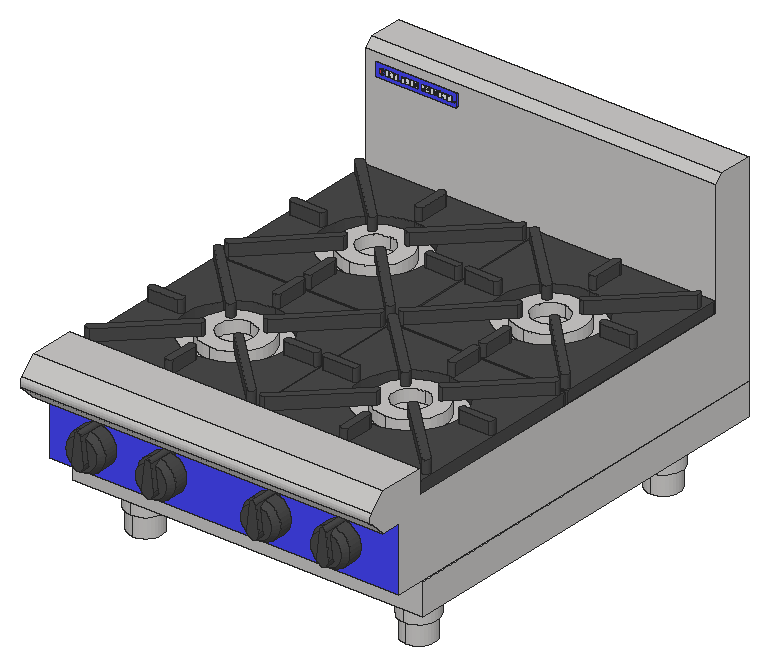
Revit family "QF_MOFFAT_BLUESEAL_CE_G514D-B", category Specialty Equipment, Revit 2012
Parameters
  Width = 600 mm  # constant formula
  Weight in Pounds = 176  # constant formula
  URL Cutsheet = "www.moffat.com"
  URL = "www.moffat.com"
  Type Mark [instance] = ""
  Status [instance] = ""
  Specification by User [instance] = ""
  Specification by Manufacturer = ""
  Show Logo [instance] = yes
  Serial Number = ""
  Seismic Rating = ""
  SMACNA No = ""
  Revision Code [instance] = ""
  Omniclass Number and Title = ""
  NAFEM Spec ID Number = ""
  Model = "G514D-B"
  Mechanical Remarks [instance] = ""
  Mechanical Connection Type [instance] = ""
  Masterspec = ""
  Manufacturer = "MOFFAT BLUESEAL"
  Item Number [instance] = ""
  Installed By [instance] = ""
  Identify Quantity as Lot [instance] = yes
  Height = 485 mm  # constant formula
  Gas Size = 3/4"
  Gas RI Height [instance] = 0 mm
  Gas KW [instance] = 31
  Gas Input [instance] = 106155.0 Btu/h
  Gas Connection Height = 0 mm
  Furnished By [instance] = ""
  Foodservice Equipment Identifier [instance] = yes
  Description = "600MM GAS COOK TOP BENCH MOUNT"
  Depth = 812 mm  # constant formula
  CSI MasterFormat = ""
  CSI Master Format = ""
Reference planes
  plane 1 "BACK": y = 0
  plane 2: z = 0
  plane 3 "LEFT": x = 0
  plane 4 "RIGHT": x = 600
  plane 5 "FRONT": y = -812
  plane 6 "TOP": z = 370
  plane 7 "Center Y": x = 300
  plane 8 "Center X": y = -406
  plane 9: z = 485
  plane 10: z = 315
  plane 11: x = 210
  plane 12: x = 390
Forms (mm)
  Revolve 1, solid, material "QF_Finishes_Stainless Steel"
    sketch origin (534.5, -728, 0) x (0, 1, 0) y (0, 0, -1)
      loop
        line (71.25, -85) -> (103, -85) -> (103, 0) -> (75.5, 0) -> (75.5, -35) -> (71.25, -35) -> (71.25, -85)
      axis (103, -85) -> (103, 0)
    angle from 0 to 360
  Revolve 2, solid, material "QF_Finishes_Stainless Steel"
    sketch origin (534.5, -210, 0) x (0, 1, 0) y (0, 0, -1)
      loop
        line (78.25, -85) -> (110, -85) -> (110, 0) -> (82.5, 0) -> (82.5, -35) -> (78.25, -35) -> (78.25, -85)
      axis (110, -85) -> (110, 0)
    angle from 0 to 360
  Revolve 3, solid, material "QF_Finishes_Stainless Steel"
    sketch origin (65.5, -728, 0) x (0, 1, 0) y (0, 0, 1)
      loop
        line (71.25, 85) -> (71.25, 35) -> (75.5, 35) -> (75.5, 0) -> (103, 0) -> (103, 85) -> (71.25, 85)
      axis (103, 85) -> (103, 0)
    angle from 0 to 360
  Revolve 4, solid, material "QF_Finishes_Stainless Steel"
    sketch origin (65.5, -210, 0) x (0, 1, 0) y (0, 0, 1)
      loop
        line (78.25, 85) -> (78.25, 35) -> (82.5, 35) -> (82.5, 0) -> (110, 0) -> (110, 85) -> (78.25, 85)
      axis (110, 85) -> (110, 0)
    angle from 0 to 360
  Revolve 5, solid, material "QF_Finishes_Black"
    sketch origin (210, 7, 0) x (0, -1, 0) y (0, 0, 1)
      loop
        line (789, 229.605) -> (766, 229.605) -> (766, 202.105) -> (756, 202.105) -> (756, 197.105) -> (800, 197.105) -> (800, 223.757) -> (789, 229.605)
      axis (800, 197.105) -> (756, 197.105)
    angle from 0 to 360
  Extrusion 6, solid, material "QF_Finishes_Stainless Steel"
    sketch origin (405, 3, -500) x (1, 0, 0) y (0, 1, 0)
      loop
        circle (65, -35) r 13.5
    from 555 to 585
  Revolve 7, solid, material "QF_Finishes_Black"
    sketch origin (89.999, 7, -0.127) x (0, 1, 0) y (0, 0, -1)
      loop
        line (-789, -229.5) -> (-766, -229.5) -> (-766, -202) -> (-756, -202) -> (-756, -197) -> (-800, -197) -> (-800, -223.651) -> (-789, -229.5)
      axis (-800, -197) -> (-756, -197)
    angle from 0 to 360
  Extrusion 8, solid, material "QF_Finishes_Black"
    sketch origin (228.269, 7, 0.031) x (-1, 0, 0) y (0, 0, -1)
      loop
        line (127.85, -186.163) -> (133.27, -229.082)
        arc (133.27, -229.082) -> (138.269, -233.969) -> (143.267, -229.082) r 5
        line (143.267, -229.082) -> (148.756, -184.996)
        arc (148.756, -184.996) -> (137.684, -174.498) -> (127.85, -186.163) r 10.487
    from 759 to 808
  Extrusion 9, solid, material "QF_Finishes_Stainless Steel"
    sketch origin (0, 0, 0) x (0, 1, 0) y (0, 0, 1)
      loop
        line (-784.97, 250) -> (-749, 250) -> (-749, 140) -> (0, 140) -> (0, 485) -> (-57.5, 485) -> (-70, 472.5) -> (-70, 275) -> (-705, 275) -> (-705, 315) -> (-783.97, 315) -> (-808.498, 290.472)
        arc (-808.498, 290.472) -> (-812.007, 282) -> (-808.498, 273.528) r 11.982
        line (-808.498, 273.528) -> (-784.97, 250)
      loop
        line (0, 85) -> (0, 139.206) -> (-699, 139.206) -> (-699, 85) -> (0, 85)
    from 0 to 600
  Revolve 10, solid, material "QF_Finishes_Black"
    sketch origin (510.001, 7, 0) x (0, -1, 0) y (0, 0, 1)
      loop
        line (789, 229.605) -> (766, 229.605) -> (766, 202.105) -> (756, 202.105) -> (756, 197.105) -> (800, 197.105) -> (800, 223.757) -> (789, 229.605)
      axis (800, 197.105) -> (756, 197.105)
    angle from 0 to 360
  Revolve 11, solid, material "QF_Finishes_Black"
    sketch origin (390, 7, -0.127) x (0, 1, 0) y (0, 0, -1)
      loop
        line (-789, -229.5) -> (-766, -229.5) -> (-766, -202) -> (-756, -202) -> (-756, -197) -> (-800, -197) -> (-800, -223.651) -> (-789, -229.5)
      axis (-800, -197) -> (-756, -197)
    angle from 0 to 360
  Extrusion 12, solid, material "QF_Finishes_Black"
    sketch origin (348.27, 7, 0.263) x (-1, 0, 0) y (0, 0, -1)
      loop
        line (127.85, -186.163) -> (133.27, -229.082)
        arc (133.27, -229.082) -> (138.269, -233.969) -> (143.267, -229.082) r 5
        line (143.267, -229.082) -> (148.756, -184.996)
        arc (148.756, -184.996) -> (137.684, -174.498) -> (127.85, -186.163) r 10.487
    from 759 to 808
  Extrusion 13, solid, material "QF_Finishes_Black"
    sketch origin (528.269, 7, 0.031) x (-1, 0, 0) y (0, 0, -1)
      loop
        line (127.85, -186.163) -> (133.27, -229.082)
        arc (133.27, -229.082) -> (138.269, -233.969) -> (143.267, -229.082) r 5
        line (143.267, -229.082) -> (148.756, -184.996)
        arc (148.756, -184.996) -> (137.684, -174.498) -> (127.85, -186.163) r 10.487
    from 759 to 808
  Extrusion 14, solid, material "QF_Finishes_Black"
    sketch origin (648.27, 7, 0.263) x (-1, 0, 0) y (0, 0, -1)
      loop
        line (127.85, -186.163) -> (133.27, -229.082)
        arc (133.27, -229.082) -> (138.269, -233.969) -> (143.267, -229.082) r 5
        line (143.267, -229.082) -> (148.756, -184.996)
        arc (148.756, -184.996) -> (137.684, -174.498) -> (127.85, -186.163) r 10.487
    from 759 to 808
Lines and regions (mm)
  Split face 1
    outline origin (0, 0, 485) x (0, -1, 0) y (1, 0, 0)
      loop
        arc (18.185, 336.013) -> (23.185, 327.353) -> (33.185, 327.353) r 10
        line (33.185, 327.353) -> (40.185, 331.394)
        arc (40.185, 331.394) -> (43.845, 335.055) -> (45.185, 340.055) r 10
        line (45.185, 340.055) -> (45.185, 568.013)
        arc (45.185, 568.013) -> (40.185, 576.674) -> (30.185, 576.674) r 10
        line (30.185, 576.674) -> (23.185, 572.632)
        arc (23.185, 572.632) -> (19.525, 568.972) -> (18.185, 563.972) r 10
        line (18.185, 563.972) -> (18.185, 336.013)
  Split face 2
    outline origin (-300, 0, 485) x (0, -1, 0) y (1, 0, 0)
      loop
        arc (18.185, 336.013) -> (23.185, 327.353) -> (33.185, 327.353) r 10
        line (33.185, 327.353) -> (40.185, 331.394)
        arc (40.185, 331.394) -> (43.845, 335.055) -> (45.185, 340.055) r 10
        line (45.185, 340.055) -> (45.185, 568.013)
        arc (45.185, 568.013) -> (40.185, 576.674) -> (30.185, 576.674) r 10
        line (30.185, 576.674) -> (23.185, 572.632)
        arc (23.185, 572.632) -> (19.525, 568.972) -> (18.185, 563.972) r 10
        line (18.185, 563.972) -> (18.185, 336.013)
  symbolic lines
    curve 1: line (0, 0, 0) -> (0, -812, 0)
    curve 2: line (600, 0, 0) -> (0, 0, 0)
    curve 3: line (600, -812, 0) -> (600, 0, 0)
    curve 4: line (0, -70, 0) -> (600, -70, 0)
    curve 5: line (0, -812, 0) -> (600, -812, 0)
    curve 6: line (600, -705, 0) -> (0, -705, 0)
    curve 7: line (36.013, -18.185, 0) -> (263.972, -18.185, 0)
    curve 8: arc (263.972, -18.185, 0) -> (268.972, -19.525, 0) -> (272.632, -23.185, 0) r 10
    curve 9: line (272.632, -23.185, 0) -> (276.674, -30.185, 0)
    curve 10: arc (276.674, -30.185, 0) -> (276.674, -40.185, 0) -> (268.013, -45.185, 0) r 10
    curve 11: line (268.013, -45.185, 0) -> (40.055, -45.185, 0)
    curve 12: arc (40.055, -45.185, 0) -> (35.055, -43.845, 0) -> (31.394, -40.185, 0) r 10
    curve 13: line (31.394, -40.185, 0) -> (27.353, -33.185, 0)
    curve 14: arc (27.353, -33.185, 0) -> (27.353, -23.185, 0) -> (36.013, -18.185, 0) r 10
    curve 15: line (336.013, -18.185, 0) -> (563.972, -18.185, 0)
    curve 16: arc (563.972, -18.185, 0) -> (568.972, -19.525, 0) -> (572.632, -23.185, 0) r 10
    curve 17: line (572.632, -23.185, 0) -> (576.674, -30.185, 0)
    curve 18: arc (576.674, -30.185, 0) -> (576.674, -40.185, 0) -> (568.013, -45.185, 0) r 10
    curve 19: line (568.013, -45.185, 0) -> (340.055, -45.185, 0)
    curve 20: arc (340.055, -45.185, 0) -> (335.055, -43.845, 0) -> (331.394, -40.185, 0) r 10
    curve 21: line (331.394, -40.185, 0) -> (327.353, -33.185, 0)
    curve 22: arc (327.353, -33.185, 0) -> (327.353, -23.185, 0) -> (336.013, -18.185, 0) r 10
Dimensions and locks
  equal spacing: plane 3 "LEFT", plane 7 "Center Y", plane 4 "RIGHT"
  "Width": plane 3 "LEFT" to plane 4 "RIGHT"
  equal spacing: plane 5 "FRONT", plane 8 "Center X", plane 1 "BACK"
  "Depth": plane 5 "FRONT" to plane 1 "BACK"
  equal spacing: plane 4 "RIGHT", plane 7 "Center Y", plane 3 "LEFT"
  plane 4 "RIGHT" to plane 3 "LEFT" = 600 mm
  Extrusion 6 to level = 55 mm
  Extrusion 6 to plane 1 "BACK" = 32 mm
  plane 5 "FRONT" to plane 1 "BACK" = 812 mm
  "Height": plane 9 to level
  plane 10 to level = 315 mm
  Extrusion 6 sketch curve to plane 1 "BACK" = 32 mm
  aligned and locked: level to plane 2
  aligned and locked: curve 3 to plane 4 "RIGHT"
Automatic sketch dimensions
  plane 1 "BACK" to curve 1 = 0 mm
  curve 1 to plane 3 "LEFT" = 0 mm
  plane 5 "FRONT" to curve 1 = 0 mm
  plane 3 "LEFT" to curve 14 = 27.353 mm
  curve 14 to curve 13 = 4.041 mm
  curve 14 to curve 14 = 8.66 mm
  curve 14 to curve 12 = 4.041 mm
  curve 8 to plane 7 "Center Y" = 36.028 mm
  curve 8 to curve 10 = 4.041 mm
  curve 7 to curve 8 = 8.66 mm
  curve 9 to curve 9 = 4.041 mm
  plane 7 "Center Y" to curve 21 = 27.353 mm
  curve 21 to curve 21 = 4.041 mm
  curve 22 to curve 22 = 8.66 mm
  curve 22 to curve 20 = 4.041 mm
  curve 16 to curve 18 = 4.041 mm
  curve 15 to curve 17 = 8.66 mm
  curve 16 to curve 17 = 4.041 mm
  curve 6 to plane 5 "FRONT" = 107 mm
  plane 1 "BACK" to curve 4 = 70 mm
  plane 1 "BACK" to curve 11 = 45.185 mm
  plane 1 "BACK" to curve 20 = 45.185 mm
  curve 12 to curve 13 = 5 mm
  curve 19 to curve 20 = 5 mm
  curve 10 to curve 10 = 10 mm
  curve 19 to curve 18 = 10 mm
  curve 20 to curve 21 = 7 mm
  curve 12 to curve 13 = 7 mm
  curve 18 to curve 16 = 7 mm
  curve 20 to curve 22 = 7 mm
  curve 10 to curve 8 = 7 mm
  curve 12 to curve 14 = 7 mm
  Revolve 1 sketch curve to level = 0 mm
  level to Revolve 1 sketch curve = 35 mm
  Revolve 1 sketch curve to plane 5 "FRONT" = 155.25 mm
  Revolve 1 sketch curve to Revolve 1 sketch curve = 4.25 mm
  Revolve 1 sketch curve to Revolve 1 sketch curve = 27.5 mm
  Revolve 1 sketch curve to Revolve 1 sketch curve = 0 mm
  Revolve 1 sketch curve to Revolve 1 sketch curve = 15 mm
  Revolve 1 sketch curve to Revolve 1 sketch curve = 35 mm
  Revolve 1 sketch curve to Revolve 1 sketch curve = 55 mm
  Revolve 2 sketch curve to level = 0 mm
  level to Revolve 2 sketch curve = 35 mm
  plane 1 "BACK" to Revolve 2 sketch curve = 131.75 mm
  Revolve 2 sketch curve to Revolve 2 sketch curve = 4.25 mm
  Revolve 2 sketch curve to Revolve 2 sketch curve = 27.5 mm  (x2)
  Revolve 2 sketch curve to Revolve 2 sketch curve = 15 mm
  Revolve 2 sketch curve to Revolve 2 sketch curve = 35 mm
  Revolve 2 sketch curve to Revolve 2 sketch curve = 55 mm
  Revolve 3 sketch curve to level = 0 mm
  level to Revolve 3 sketch curve = 35 mm
  Revolve 3 sketch curve to plane 5 "FRONT" = 155.25 mm
  Revolve 3 sketch curve to Revolve 3 sketch curve = 4.25 mm
  Revolve 3 sketch curve to Revolve 3 sketch curve = 27.5 mm  (x2)
  Revolve 3 sketch curve to Revolve 3 sketch curve = 55 mm
  Revolve 3 sketch curve to Revolve 3 sketch curve = 15 mm
  Revolve 3 sketch curve to Revolve 3 sketch curve = 35 mm
  Revolve 4 sketch curve to level = 0 mm
  level to Revolve 4 sketch curve = 35 mm
  plane 1 "BACK" to Revolve 4 sketch curve = 131.75 mm
  Revolve 4 sketch curve to Revolve 4 sketch curve = 4.25 mm
  Revolve 4 sketch curve to Revolve 4 sketch curve = 27.5 mm  (x2)
  Revolve 4 sketch curve to Revolve 4 sketch curve = 55 mm
  Revolve 4 sketch curve to Revolve 4 sketch curve = 15 mm
  Revolve 4 sketch curve to Revolve 4 sketch curve = 35 mm
  Revolve 5 sketch curve to plane 5 "FRONT" = 63 mm
  Revolve 5 sketch curve to Revolve 5 sketch curve = 10 mm
  Revolve 5 sketch curve to Revolve 5 sketch curve = 21.3 mm
  Revolve 5 sketch curve to Revolve 5 sketch curve = 23 mm
  Revolve 5 sketch curve to Revolve 5 sketch curve = 12.7 mm
  Revolve 5 sketch curve to Revolve 5 sketch curve = 0 mm  (x2)
  Revolve 5 sketch curve to plane 10 = 117.895 mm
  Revolve 5 sketch curve to Revolve 5 sketch curve = 5 mm
  Revolve 5 sketch curve to Revolve 5 sketch curve = 26.651 mm
  Revolve 5 sketch curve to Revolve 5 sketch curve = 5.849 mm
  Revolve 7 sketch curve to plane 5 "FRONT" = 19 mm
  Revolve 7 sketch curve to Revolve 7 sketch curve = 0 mm  (x2)
  Revolve 7 sketch curve to Revolve 7 sketch curve = 11 mm
  Revolve 7 sketch curve to Revolve 7 sketch curve = 12.7 mm
  Revolve 7 sketch curve to Revolve 7 sketch curve = 23 mm
  Revolve 7 sketch curve to Revolve 7 sketch curve = 10 mm
  Revolve 7 sketch curve to plane 10 = 85.627 mm
  Revolve 7 sketch curve to Revolve 7 sketch curve = 5.849 mm
  Revolve 7 sketch curve to Revolve 7 sketch curve = 27.5 mm
  Revolve 7 sketch curve to Revolve 7 sketch curve = 5 mm
  Extrusion 8 sketch curve to Extrusion 8 sketch curve = 10.419 mm
  Extrusion 8 sketch curve to Extrusion 8 sketch curve = 4.999 mm  (x2)
  Extrusion 8 sketch curve to Extrusion 8 sketch curve = 10.487 mm
  Extrusion 8 sketch curve to plane 10 = 85.887 mm
  Extrusion 8 sketch curve to Extrusion 8 sketch curve = 0.113 mm
  Extrusion 8 sketch curve to Extrusion 8 sketch curve = 42.919 mm
  Extrusion 8 sketch curve to Extrusion 8 sketch curve = 1.167 mm
  Extrusion 9 sketch curve to plane 10 = 0 mm
  plane 9 to Extrusion 9 sketch curve = 0 mm
  Extrusion 9 sketch curve to plane 1 "BACK" = 0 mm  (x2)
  plane 1 "BACK" to Extrusion 9 sketch curve = 57.5 mm
  plane 9 to Extrusion 9 sketch curve = 12.5 mm
  Extrusion 9 sketch curve to Extrusion 9 sketch curve = 12.5 mm
  Extrusion 9 sketch curve to plane 5 "FRONT" = 113 mm
  Extrusion 9 sketch curve to plane 5 "FRONT" = 107 mm
  Extrusion 9 sketch curve to Extrusion 9 sketch curve = 50 mm
  Extrusion 9 sketch curve to plane 5 "FRONT" = 28.03 mm
  Extrusion 9 sketch curve to plane 5 "FRONT" = 27.03 mm
  Extrusion 9 sketch curve to plane 5 "FRONT" = 11.975 mm
  Extrusion 9 sketch curve to plane 5 "FRONT" = 3.502 mm  (x2)
  Extrusion 9 sketch curve to plane 10 = 24.528 mm
  Extrusion 9 sketch curve to Extrusion 9 sketch curve = 8.472 mm
  Extrusion 9 sketch curve to Extrusion 9 sketch curve = 40 mm
  Extrusion 9 sketch curve to Extrusion 9 sketch curve = 23.528 mm
  Extrusion 9 sketch curve to Extrusion 9 sketch curve = 110 mm
  Extrusion 9 sketch curve to Extrusion 9 sketch curve = 0.794 mm
  Extrusion 9 sketch curve to Extrusion 9 sketch curve = 54.206 mm
  Split face 1 sketch curve to Extrusion 9 = 18.185 mm
  Split face 1 sketch curve to Split face 1 sketch curve = 5 mm  (x2)
  Split face 1 sketch curve to Split face 1 sketch curve = 10 mm  (x3)
  Split face 1 sketch curve to Split face 1 sketch curve = 7 mm  (x4)
  Split face 1 sketch curve to Extrusion 9 = 272.647 mm
  Split face 1 sketch curve to Split face 1 sketch curve = 4.041 mm  (x2)
  Split face 1 sketch curve to Extrusion 9 = 36.028 mm
  Split face 2 sketch curve to Extrusion 9 = 18.185 mm
  Split face 2 sketch curve to Split face 2 sketch curve = 5 mm  (x2)
  Split face 2 sketch curve to Split face 2 sketch curve = 10 mm  (x3)
  Split face 2 sketch curve to Split face 2 sketch curve = 7 mm  (x4)
  Split face 2 sketch curve to Extrusion 9 = 27.353 mm
  Split face 2 sketch curve to Split face 2 sketch curve = 4.041 mm  (x2)
  Split face 2 sketch curve to Split face 2 sketch curve = 223.917 mm
  Revolve 10 sketch curve to plane 5 "FRONT" = 63 mm
  Revolve 10 sketch curve to Revolve 10 sketch curve = 10 mm
  Revolve 10 sketch curve to Revolve 10 sketch curve = 21.3 mm
  Revolve 10 sketch curve to Revolve 10 sketch curve = 23 mm
  Revolve 10 sketch curve to Revolve 10 sketch curve = 12.7 mm
  Revolve 10 sketch curve to Revolve 10 sketch curve = 0 mm  (x2)
  Revolve 10 sketch curve to plane 10 = 117.895 mm
  Revolve 10 sketch curve to Revolve 10 sketch curve = 5 mm
  Revolve 10 sketch curve to Revolve 10 sketch curve = 26.651 mm
  Revolve 10 sketch curve to Revolve 10 sketch curve = 5.849 mm
  Revolve 11 sketch curve to plane 5 "FRONT" = 19 mm
  Revolve 11 sketch curve to Revolve 11 sketch curve = 0 mm  (x2)
  Revolve 11 sketch curve to Revolve 11 sketch curve = 11 mm
  Revolve 11 sketch curve to Revolve 11 sketch curve = 12.7 mm
  Revolve 11 sketch curve to Revolve 11 sketch curve = 23 mm
  Revolve 11 sketch curve to Revolve 11 sketch curve = 10 mm
  Revolve 11 sketch curve to plane 10 = 85.627 mm
  Revolve 11 sketch curve to Revolve 11 sketch curve = 5.849 mm
  Revolve 11 sketch curve to Revolve 11 sketch curve = 27.5 mm
  Revolve 11 sketch curve to Revolve 11 sketch curve = 5 mm
  plane 11 to Extrusion 12 sketch curve = 10.42 mm
  plane 11 to Extrusion 12 sketch curve = 4.999 mm
  plane 11 to Extrusion 12 sketch curve = 0.001 mm  (x2)
  Extrusion 12 sketch curve to plane 11 = 4.998 mm
  Extrusion 12 sketch curve to plane 11 = 10.487 mm
  Extrusion 12 sketch curve to plane 10 = 85.655 mm
  Extrusion 12 sketch curve to Extrusion 12 sketch curve = 0.113 mm
  Extrusion 12 sketch curve to Extrusion 12 sketch curve = 42.919 mm
  Extrusion 12 sketch curve to Extrusion 12 sketch curve = 1.167 mm
  Extrusion 13 sketch curve to plane 12 = 10.42 mm
  Extrusion 13 sketch curve to plane 12 = 4.999 mm
  Extrusion 13 sketch curve to plane 12 = 0.001 mm  (x2)
  plane 12 to Extrusion 13 sketch curve = 4.998 mm
  plane 12 to Extrusion 13 sketch curve = 10.487 mm
  Extrusion 13 sketch curve to plane 10 = 85.887 mm
  Extrusion 13 sketch curve to Extrusion 13 sketch curve = 0.113 mm
  Extrusion 13 sketch curve to Extrusion 13 sketch curve = 42.919 mm
  Extrusion 13 sketch curve to Extrusion 13 sketch curve = 1.167 mm
  Extrusion 14 sketch curve to Extrusion 14 sketch curve = 10.419 mm
  Extrusion 14 sketch curve to Extrusion 14 sketch curve = 4.999 mm  (x2)
  Extrusion 14 sketch curve to Extrusion 14 sketch curve = 10.487 mm
  Extrusion 14 sketch curve to plane 10 = 85.655 mm
  Extrusion 14 sketch curve to Extrusion 14 sketch curve = 0.113 mm
  Extrusion 14 sketch curve to Extrusion 14 sketch curve = 42.919 mm
  Extrusion 14 sketch curve to Extrusion 14 sketch curve = 1.167 mm
  plane 3 "LEFT" to Extrusion 8 sketch curve = 100.419 mm
  Extrusion 8 sketch curve to Extrusion 8 sketch curve = 5.421 mm
  plane 4 "RIGHT" to curve 16 = 36.028 mm
  Extrusion 6 sketch curve to plane 12 = 80 mm
  plane 4 "RIGHT" to Extrusion 14 sketch curve = 79.579 mm
  Extrusion 14 sketch curve to Extrusion 14 sketch curve = 5.421 mm
  radius of Extrusion 6 sketch curve = 13.5 mm
Nested families
  nested 1: "WALDORF LOGO_FACE BASE" at (18.6, -70, 458.604) x (1, 0, 0) z (0, -1, 0), visible <- "Show Logo", type "WALDORF LOGO_FACE BASE", detail levels medium+fine
    with Show Logo yes
  nested 2: "GAS BURNER 600" at (0, -70, 275), type "GAS BURNER 600"
    with Width 600 mm, Type Mark "", Status "", Specification by User "", Revision Code "", Item Number "", Installed By "", Identify Quantity as Lot yes, Furnished By "", Foodservice Equipment Identifier yes, Depth 635 mm
Connectors
  piping at (470, -32, 55)
    settings: on Extrusion 6, index 1, connector radius 0.37402", flow factor 0, pipe flow 0 GPM, pressure drop 0.00 psi, fitting loss kfactor 0, connector angle 0.00°, fixture units 0, engagement length 0 mm, flow configuration 1, flow direction 1, fitting loss method 0, system type 7, joint type 0, gender type 0, connector reference index -1, connector utility 0, adjustable connector no, is connector primary yes, fitting loss table "", connector description "GAS CONNECTION"
Definition of nested family "WALDORF LOGO_FACE BASE"
  Parameters (values of type "WALDORF LOGO_FACE BASE")
    Show Logo [instance] = yes
    Default Elevation = 1219.2 mm
  Reference planes
    plane 1 "Center (Front/Back)": y = 0
    plane 2: z = 0
    plane 3 "Center (Left/Right)": x = 0
  Forms (mm)
    Extrusion 1, solid
      sketch origin (0, 0, 0) x (1, 0, 0) y (0, 1, 0)
        loop
          line (-1219.2, 1219.2) -> (-1219.2, -1219.2) -> (1219.2, -1219.2) -> (1219.2, 1219.2) -> (-1219.2, 1219.2)
      from 0 to -304.8
    Extrusion 2, solid, material "QF_Finishes_Blue", visible <- "Show Logo"
      sketch origin (0, -33.217, 0) x (1, 0, 0) y (0, 1, 0)
        loop
          arc (138, 31.942) -> (137.626, 32.844) -> (136.724, 33.217) r 1.276
          line (136.724, 33.217) -> (1.29, 33.217)
          arc (1.29, 33.217) -> (0.378, 32.839) -> (0, 31.927) r 1.29
          line (0, 31.927) -> (0, 11.507)
          arc (0, 11.507) -> (0.378, 10.595) -> (1.29, 10.217) r 1.29
          line (1.29, 10.217) -> (136.71, 10.217)
          arc (136.71, 10.217) -> (137.622, 10.595) -> (138, 11.507) r 1.29
          line (138, 11.507) -> (138, 31.942)
      from 0 to 1.588
    Extrusion 3, solid, material "QF_Finishes_White", visible <- "Show Logo"
      sketch origin (0, -33.217, 1.588) x (1, 0, 0) y (0, 1, 0)
        loop
          arc (108.946, 25.919) -> (107.613, 25.367) -> (107.061, 24.034) r 1.885
          line (107.061, 24.034) -> (107.061, 17.211) -> (112.704, 17.211) -> (112.704, 19.129) -> (115.546, 19.129) -> (115.546, 17.211) -> (121.584, 17.211) -> (121.584, 24.075)
          arc (121.584, 24.075) -> (121.043, 25.379) -> (119.739, 25.919) r 1.845
          line (119.739, 25.919) -> (108.946, 25.919)
        loop
          line (123.478, 25.919) -> (123.478, 17.163) -> (134.904, 17.163) -> (134.904, 19.129) -> (129.246, 19.129) -> (129.246, 25.919) -> (123.478, 25.919)
        loop
          line (112.704, 21.258) -> (115.546, 21.258) -> (115.546, 22.702)
          arc (115.546, 22.702) -> (115.344, 23.188) -> (114.858, 23.389) r 0.687
          line (114.858, 23.389) -> (113.363, 23.389)
          arc (113.363, 23.389) -> (112.897, 23.196) -> (112.704, 22.73) r 0.658
          line (112.704, 22.73) -> (112.704, 21.258)
        loop
          line (105.071, 25.919) -> (93.771, 25.919) -> (93.771, 17.163) -> (105.071, 17.163) -> (105.071, 19.063) -> (99.535, 19.063) -> (99.535, 20.437) -> (105.071, 20.437) -> (105.071, 22.278) -> (99.535, 22.278) -> (99.535, 23.587) -> (105.071, 23.587) -> (105.071, 25.919)
        loop
          line (91.104, 25.919) -> (79.541, 25.919)
          arc (79.541, 25.919) -> (78.558, 25.513) -> (78.152, 24.53) r 1.389
          line (78.152, 24.53) -> (78.152, 22.08)
          arc (78.152, 22.08) -> (78.558, 21.098) -> (79.541, 20.691) r 1.389
          line (79.541, 20.691) -> (86.346, 20.691) -> (86.346, 18.864) -> (83.266, 18.864) -> (83.266, 19.664) -> (78.152, 19.664) -> (78.152, 18.553)
          arc (78.152, 18.553) -> (78.558, 17.57) -> (79.541, 17.163) r 1.389
          line (79.541, 17.163) -> (91.063, 17.163)
          arc (91.063, 17.163) -> (92.045, 17.57) -> (92.452, 18.553) r 1.389
          line (92.452, 18.553) -> (92.452, 20.691)
          arc (92.452, 20.691) -> (92.045, 21.673) -> (91.063, 22.08) r 1.389
          line (91.063, 22.08) -> (83.266, 22.08) -> (83.266, 23.984) -> (86.346, 23.984) -> (86.346, 22.743) -> (92.452, 22.743) -> (92.452, 24.571)
          arc (92.452, 24.571) -> (92.057, 25.524) -> (91.104, 25.919) r 1.348
        loop
          line (70.705, 25.919) -> (59.405, 25.919) -> (59.405, 17.163) -> (70.705, 17.163) -> (70.705, 19.063) -> (65.169, 19.063) -> (65.169, 20.437) -> (70.705, 20.437) -> (70.705, 22.278) -> (65.169, 22.278) -> (65.169, 23.587) -> (70.705, 23.587) -> (70.705, 25.919)
        loop
          line (57.598, 25.919) -> (51.7, 25.919) -> (51.7, 20.18)
          arc (51.7, 20.18) -> (50.63, 19.11) -> (49.56, 20.18) r 1.07
          line (49.56, 20.18) -> (49.56, 25.919) -> (43.663, 25.919) -> (43.663, 19.049)
          arc (43.663, 19.049) -> (44.215, 17.716) -> (45.548, 17.163) r 1.885
          line (45.548, 17.163) -> (55.71, 17.163)
          arc (55.71, 17.163) -> (57.045, 17.716) -> (57.598, 19.051) r 1.887
          line (57.598, 19.051) -> (57.598, 25.919)
        loop
          line (31.62, 25.919) -> (31.62, 17.163) -> (43.046, 17.163) -> (43.046, 19.129) -> (37.388, 19.129) -> (37.388, 25.919) -> (31.62, 25.919)
        loop
          line (15.969, 25.919) -> (15.969, 17.163) -> (28.693, 17.163)
          arc (28.693, 17.163) -> (29.812, 17.627) -> (30.276, 18.746) r 1.582
          line (30.276, 18.746) -> (30.276, 20.447) -> (29.48, 21.243) -> (30.276, 22.039) -> (30.276, 24.332)
          arc (30.276, 24.332) -> (29.811, 25.454) -> (28.688, 25.919) r 1.587
          line (28.688, 25.919) -> (15.969, 25.919)
        loop
          line (21.449, 24.159) -> (21.449, 22.436) -> (23.862, 22.436)
          arc (23.862, 22.436) -> (24.723, 23.298) -> (23.862, 24.159) r 0.861
          line (23.862, 24.159) -> (21.449, 24.159)
        loop
          line (21.449, 20.244) -> (21.449, 18.522) -> (23.862, 18.522)
          arc (23.862, 18.522) -> (24.723, 19.383) -> (23.862, 20.244) r 0.861
          line (23.862, 20.244) -> (21.449, 20.244)
      from 0 to 0.2
    Extrusion 4, solid, material "QF_Finishes_Blue", visible <- "Show Logo"
      sketch origin (-126.498, -31.09, 1.588) x (1, 0, 0) y (0, 1, 0)
        loop
          line (136.738, 23.522) -> (136.738, 15.1)
          arc (136.738, 15.1) -> (140.756, 19.311) -> (136.738, 23.522) r 4.216
      from 0 to 0.2
    Extrusion 5, solid, material "QF_Finishes_Red", visible <- "Show Logo"
      sketch origin (146.849, -31.09, 1.588) x (-1, 0, 0) y (0, -1, 0)
        loop
          arc (136.738, -23.522) -> (140.756, -19.311) -> (136.738, -15.1) r 4.216
          line (136.738, -15.1) -> (136.738, -23.522)
      from 0 to 0.2
  Lines and regions (mm)
    Split face 1
      outline origin (-90.35, -30.793, 1.588) x (1, 0, 0) y (0, 1, 0)
        loop
          circle (100.54, 19.013) r 4.536
  Dimensions and locks
    aligned and locked: plane 2 to Extrusion 1
    aligned and locked: level to Extrusion 1
Definition of nested family "GAS BURNER 600"
  Parameters (values of type "GAS BURNER 600")
    Width [instance] = 600 mm
    Weight in Pounds = 0
    URL Cutsheet = ""
    Type Mark [instance] = ""
    Status [instance] = ""
    Specification by User [instance] = ""
    Specification by Manufacturer = ""
    Serial Number = ""
    Seismic Rating = ""
    SMACNA No = ""
    Revision Code [instance] = ""
    Omniclass Number and Title = ""
    NAFEM Spec ID Number = ""
    Masterspec = ""
    Item Number [instance] = ""
    Installed By [instance] = ""
    Identify Quantity as Lot [instance] = yes
    Furnished By [instance] = ""
    Foodservice Equipment Identifier [instance] = yes
    Depth [instance] = 635 mm
    CSI MasterFormat = ""
    CSI Master Format = ""
  Reference planes
    plane 1 "BACK": y = 0
    plane 2: z = 0
    plane 3 "LEFT": x = 0
    plane 4 "RIGHT": x = 600
    plane 5 "FRONT": y = -635
    plane 6 "TOP": z = 142.5
    plane 7 "Center Y": x = 300
    plane 8 "Center X": y = -317.5
  Forms (mm)
    Extrusion 1, solid, material "QF_Finishes_Black"
      sketch origin (0, 0, 0) x (0, -1, 0) y (1, 0, 0)
        loop
          line (318.5, 4) -> (318.5, 296)
          arc (318.5, 296) -> (317.621, 298.121) -> (315.5, 299) r 3
          line (315.5, 299) -> (3, 299)
          arc (3, 299) -> (0.879, 298.121) -> (0, 296) r 3
          line (0, 296) -> (0, 4)
          arc (0, 4) -> (0.879, 1.879) -> (3, 1) r 3
          line (3, 1) -> (315.5, 1)
          arc (315.5, 1) -> (317.621, 1.879) -> (318.5, 4) r 3
        loop
          line (324.5, 1) -> (632, 1)
          arc (632, 1) -> (634.121, 1.879) -> (635, 4) r 3
          line (635, 4) -> (635, 296)
          arc (635, 296) -> (634.121, 298.121) -> (632, 299) r 3
          line (632, 299) -> (324.5, 299)
          arc (324.5, 299) -> (322.379, 298.121) -> (321.5, 296) r 3
          line (321.5, 296) -> (321.5, 4)
          arc (321.5, 4) -> (322.379, 1.879) -> (324.5, 1) r 3
        loop
          circle (168.5, 149.991) r 84.082
        loop
          circle (468.5, 149.991) r 84.082
      from 0 to 19.5
    Extrusion 2, solid, material "QF_Finishes_Black"
      sketch origin (0, 0, 19.5) x (0, -1, 0) y (1, 0, 0)
        loop
          spline (326.102, 15.153) -> (325.181, 13.924) -> (324.631, 12.47) -> (324.49, 10.89) -> (324.767, 9.292) -> (325.443, 7.786) -> (326.473, 6.473) -> (327.786, 5.443) -> (329.292, 4.767) -> (330.89, 4.49) -> (332.47, 4.631) -> (333.924, 5.181) -> (335.153, 6.102)
          line (335.153, 6.102) -> (443.076, 114.025)
          spline (443.076, 114.025) -> (443.837, 115.095) -> (444.238, 116.399) -> (444.251, 117.851) -> (443.875, 119.35) -> (443.137, 120.795) -> (442.086, 122.086) -> (440.795, 123.137) -> (439.35, 123.875) -> (437.851, 124.251) -> (436.399, 124.238) -> (435.095, 123.837) -> (434.025, 123.076)
          line (434.025, 123.076) -> (326.102, 15.153)
        loop
          spline (328.898, 156.4) -> (327.604, 156.182) -> (326.398, 155.543) -> (325.362, 154.525) -> (324.568, 153.2) -> (324.068, 151.656) -> (323.898, 150) -> (324.068, 148.344) -> (324.568, 146.8) -> (325.362, 145.475) -> (326.398, 144.457) -> (327.604, 143.818) -> (328.898, 143.6)
          line (328.898, 143.6) -> (378.102, 143.6)
          spline (378.102, 143.6) -> (379.396, 143.818) -> (380.602, 144.457) -> (381.638, 145.475) -> (382.432, 146.8) -> (382.932, 148.344) -> (383.102, 150) -> (382.932, 151.656) -> (382.432, 153.2) -> (381.638, 154.525) -> (380.602, 155.543) -> (379.396, 156.182) -> (378.102, 156.4)
          line (378.102, 156.4) -> (328.898, 156.4)
        loop
          spline (335.153, 293.898) -> (334.084, 294.659) -> (332.779, 295.059) -> (331.328, 295.072) -> (329.829, 294.697) -> (328.384, 293.959) -> (327.092, 292.908) -> (326.041, 291.616) -> (325.303, 290.171) -> (324.928, 288.672) -> (324.941, 287.221) -> (325.341, 285.916) -> (326.102, 284.847)
          line (326.102, 284.847) -> (434.025, 176.924)
          spline (434.025, 176.924) -> (435.095, 176.163) -> (436.399, 175.762) -> (437.851, 175.749) -> (439.35, 176.125) -> (440.795, 176.863) -> (442.086, 177.914) -> (443.137, 179.205) -> (443.875, 180.65) -> (444.251, 182.149) -> (444.238, 183.601) -> (443.837, 184.905) -> (443.076, 185.975)
          line (443.076, 185.975) -> (335.153, 293.898)
        loop
          line (463.6, 291.102) -> (463.6, 241.898)
          spline (463.6, 241.898) -> (463.818, 240.604) -> (464.457, 239.398) -> (465.475, 238.362) -> (466.8, 237.568) -> (468.344, 237.068) -> (470, 236.898) -> (471.656, 237.068) -> (473.2, 237.568) -> (474.525, 238.362) -> (475.543, 239.398) -> (476.182, 240.604) -> (476.4, 241.898)
          line (476.4, 241.898) -> (476.4, 291.102)
          spline (476.4, 291.102) -> (476.182, 292.396) -> (475.543, 293.602) -> (474.525, 294.638) -> (473.2, 295.432) -> (471.656, 295.932) -> (470, 296.102) -> (468.344, 295.932) -> (466.8, 295.432) -> (465.475, 294.638) -> (464.457, 293.602) -> (463.818, 292.396) -> (463.6, 291.102)
        loop
          spline (612.398, 284.847) -> (613.159, 285.916) -> (613.559, 287.221) -> (613.572, 288.672) -> (613.197, 290.171) -> (612.459, 291.616) -> (611.408, 292.908) -> (610.116, 293.959) -> (608.671, 294.697) -> (607.172, 295.072) -> (605.721, 295.059) -> (604.416, 294.659) -> (603.347, 293.898)
          line (603.347, 293.898) -> (496.924, 185.975)
          spline (496.924, 185.975) -> (496.163, 184.905) -> (495.762, 183.601) -> (495.749, 182.149) -> (496.125, 180.65) -> (496.863, 179.205) -> (497.914, 177.914) -> (499.205, 176.863) -> (500.65, 176.125) -> (502.149, 175.749) -> (503.601, 175.762) -> (504.905, 176.163) -> (505.975, 176.924)
          line (505.975, 176.924) -> (612.398, 284.847)
        loop
          spline (609.602, 143.6) -> (610.896, 143.818) -> (612.102, 144.457) -> (613.138, 145.475) -> (613.932, 146.8) -> (614.432, 148.344) -> (614.602, 150) -> (614.432, 151.656) -> (613.932, 153.2) -> (613.138, 154.525) -> (612.102, 155.543) -> (610.896, 156.182) -> (609.602, 156.4)
          line (609.602, 156.4) -> (561.898, 156.4)
          spline (561.898, 156.4) -> (560.604, 156.182) -> (559.398, 155.543) -> (558.362, 154.525) -> (557.568, 153.2) -> (557.068, 151.656) -> (556.898, 150) -> (557.068, 148.344) -> (557.568, 146.8) -> (558.362, 145.475) -> (559.398, 144.457) -> (560.604, 143.818) -> (561.898, 143.6)
          line (561.898, 143.6) -> (609.602, 143.6)
        loop
          line (612.398, 15.153) -> (505.975, 123.076)
          spline (505.975, 123.076) -> (504.905, 123.837) -> (503.601, 124.238) -> (502.149, 124.251) -> (500.65, 123.875) -> (499.205, 123.137) -> (497.914, 122.086) -> (496.863, 120.795) -> (496.125, 119.35) -> (495.749, 117.851) -> (495.762, 116.399) -> (496.163, 115.095) -> (496.924, 114.025)
          line (496.924, 114.025) -> (603.347, 6.102)
          spline (603.347, 6.102) -> (604.416, 5.341) -> (605.721, 4.941) -> (607.172, 4.928) -> (608.671, 5.303) -> (610.116, 6.041) -> (611.408, 7.092) -> (612.459, 8.384) -> (613.197, 9.829) -> (613.572, 11.328) -> (613.559, 12.779) -> (613.159, 14.084) -> (612.398, 15.153)
        loop
          line (476.4, 8.898) -> (476.4, 58.102)
          spline (476.4, 58.102) -> (476.182, 59.396) -> (475.543, 60.602) -> (474.525, 61.638) -> (473.2, 62.432) -> (471.656, 62.932) -> (470, 63.102) -> (468.344, 62.932) -> (466.8, 62.432) -> (465.475, 61.638) -> (464.457, 60.602) -> (463.818, 59.396) -> (463.6, 58.102)
          line (463.6, 58.102) -> (463.6, 8.898)
          spline (463.6, 8.898) -> (463.818, 7.604) -> (464.457, 6.398) -> (465.475, 5.362) -> (466.8, 4.568) -> (468.344, 4.068) -> (470, 3.898) -> (471.656, 4.068) -> (473.2, 4.568) -> (474.525, 5.362) -> (475.543, 6.398) -> (476.182, 7.604) -> (476.4, 8.898)
        loop
          spline (22.602, 15.153) -> (21.681, 13.924) -> (21.131, 12.47) -> (20.99, 10.89) -> (21.267, 9.292) -> (21.943, 7.786) -> (22.973, 6.473) -> (24.286, 5.443) -> (25.792, 4.767) -> (27.39, 4.49) -> (28.97, 4.631) -> (30.424, 5.181) -> (31.653, 6.102)
          line (31.653, 6.102) -> (139.576, 114.025)
          spline (139.576, 114.025) -> (140.337, 115.095) -> (140.738, 116.399) -> (140.751, 117.851) -> (140.375, 119.35) -> (139.637, 120.795) -> (138.586, 122.086) -> (137.295, 123.137) -> (135.85, 123.875) -> (134.351, 124.251) -> (132.899, 124.238) -> (131.595, 123.837) -> (130.525, 123.076)
          line (130.525, 123.076) -> (22.602, 15.153)
        loop
          spline (25.398, 156.4) -> (24.104, 156.182) -> (22.898, 155.543) -> (21.862, 154.525) -> (21.068, 153.2) -> (20.568, 151.656) -> (20.398, 150) -> (20.568, 148.344) -> (21.068, 146.8) -> (21.862, 145.475) -> (22.898, 144.457) -> (24.104, 143.818) -> (25.398, 143.6)
          line (25.398, 143.6) -> (74.602, 143.6)
          spline (74.602, 143.6) -> (75.896, 143.818) -> (77.102, 144.457) -> (78.138, 145.475) -> (78.932, 146.8) -> (79.432, 148.344) -> (79.602, 150) -> (79.432, 151.656) -> (78.932, 153.2) -> (78.138, 154.525) -> (77.102, 155.543) -> (75.896, 156.182) -> (74.602, 156.4)
          line (74.602, 156.4) -> (25.398, 156.4)
        loop
          spline (31.653, 293.898) -> (30.584, 294.659) -> (29.279, 295.059) -> (27.828, 295.072) -> (26.329, 294.697) -> (24.884, 293.959) -> (23.592, 292.908) -> (22.541, 291.616) -> (21.803, 290.171) -> (21.428, 288.672) -> (21.441, 287.221) -> (21.841, 285.916) -> (22.602, 284.847)
          line (22.602, 284.847) -> (130.525, 176.924)
          spline (130.525, 176.924) -> (131.595, 176.163) -> (132.899, 175.762) -> (134.351, 175.749) -> (135.85, 176.125) -> (137.295, 176.863) -> (138.586, 177.914) -> (139.637, 179.205) -> (140.375, 180.65) -> (140.751, 182.149) -> (140.738, 183.601) -> (140.337, 184.905) -> (139.576, 185.975)
          line (139.576, 185.975) -> (31.653, 293.898)
        loop
          line (160.1, 291.102) -> (160.1, 241.898)
          spline (160.1, 241.898) -> (160.318, 240.604) -> (160.957, 239.398) -> (161.975, 238.362) -> (163.3, 237.568) -> (164.844, 237.068) -> (166.5, 236.898) -> (168.156, 237.068) -> (169.7, 237.568) -> (171.025, 238.362) -> (172.043, 239.398) -> (172.682, 240.604) -> (172.9, 241.898)
          line (172.9, 241.898) -> (172.9, 291.102)
          spline (172.9, 291.102) -> (172.682, 292.396) -> (172.043, 293.602) -> (171.025, 294.638) -> (169.7, 295.432) -> (168.156, 295.932) -> (166.5, 296.102) -> (164.844, 295.932) -> (163.3, 295.432) -> (161.975, 294.638) -> (160.957, 293.602) -> (160.318, 292.396) -> (160.1, 291.102)
        loop
          spline (313.898, 284.847) -> (314.659, 285.916) -> (315.059, 287.221) -> (315.072, 288.672) -> (314.697, 290.171) -> (313.959, 291.616) -> (312.908, 292.908) -> (311.616, 293.959) -> (310.171, 294.697) -> (308.672, 295.072) -> (307.221, 295.059) -> (305.916, 294.659) -> (304.847, 293.898)
          line (304.847, 293.898) -> (193.424, 185.975)
          spline (193.424, 185.975) -> (192.663, 184.905) -> (192.262, 183.601) -> (192.249, 182.149) -> (192.625, 180.65) -> (193.363, 179.205) -> (194.414, 177.914) -> (195.705, 176.863) -> (197.15, 176.125) -> (198.649, 175.749) -> (200.101, 175.762) -> (201.405, 176.163) -> (202.475, 176.924)
          line (202.475, 176.924) -> (313.898, 284.847)
        loop
          spline (311.102, 143.6) -> (312.396, 143.818) -> (313.602, 144.457) -> (314.638, 145.475) -> (315.432, 146.8) -> (315.932, 148.344) -> (316.102, 150) -> (315.932, 151.656) -> (315.432, 153.2) -> (314.638, 154.525) -> (313.602, 155.543) -> (312.396, 156.182) -> (311.102, 156.4)
          line (311.102, 156.4) -> (261.898, 156.4)
          spline (261.898, 156.4) -> (260.604, 156.182) -> (259.398, 155.543) -> (258.362, 154.525) -> (257.568, 153.2) -> (257.068, 151.656) -> (256.898, 150) -> (257.068, 148.344) -> (257.568, 146.8) -> (258.362, 145.475) -> (259.398, 144.457) -> (260.604, 143.818) -> (261.898, 143.6)
          line (261.898, 143.6) -> (311.102, 143.6)
        loop
          line (313.898, 15.153) -> (202.475, 123.076)
          spline (202.475, 123.076) -> (201.405, 123.837) -> (200.101, 124.238) -> (198.649, 124.251) -> (197.15, 123.875) -> (195.705, 123.137) -> (194.414, 122.086) -> (193.363, 120.795) -> (192.625, 119.35) -> (192.249, 117.851) -> (192.262, 116.399) -> (192.663, 115.095) -> (193.424, 114.025)
          line (193.424, 114.025) -> (304.847, 6.102)
          spline (304.847, 6.102) -> (305.916, 5.341) -> (307.221, 4.941) -> (308.672, 4.928) -> (310.171, 5.303) -> (311.616, 6.041) -> (312.908, 7.092) -> (313.959, 8.384) -> (314.697, 9.829) -> (315.072, 11.328) -> (315.059, 12.779) -> (314.659, 14.084) -> (313.898, 15.153)
        loop
          line (172.9, 8.898) -> (172.9, 58.102)
          spline (172.9, 58.102) -> (172.682, 59.396) -> (172.043, 60.602) -> (171.025, 61.638) -> (169.7, 62.432) -> (168.156, 62.932) -> (166.5, 63.102) -> (164.844, 62.932) -> (163.3, 62.432) -> (161.975, 61.638) -> (160.957, 60.602) -> (160.318, 59.396) -> (160.1, 58.102)
          line (160.1, 58.102) -> (160.1, 8.898)
          spline (160.1, 8.898) -> (160.318, 7.604) -> (160.957, 6.398) -> (161.975, 5.362) -> (163.3, 4.568) -> (164.844, 4.068) -> (166.5, 3.898) -> (168.156, 4.068) -> (169.7, 4.568) -> (171.025, 5.362) -> (172.043, 6.398) -> (172.682, 7.604) -> (172.9, 8.898)
      from 0 to 20.5
    Extrusion 3, solid, material "QF_Finishes_Stainless Steel"
      sketch origin (0, -15.098, 0) x (0, -1, 0) y (1, 0, 0)
        loop
          circle (151.402, 150) r 57
        loop
          circle (451.402, 150) r 57
        loop
          circle (151.402, 150) r 30
        loop
          circle (451.402, 150) r 30
      from 0 to 20
    Extrusion 4, solid, material "QF_Finishes_Black"
      sketch origin (600, 0, 0) x (0, -1, 0) y (1, 0, 0)
        loop
          arc (318.5, -4) -> (317.621, -1.879) -> (315.5, -1) r 3
          line (315.5, -1) -> (3, -1)
          arc (3, -1) -> (0.879, -1.879) -> (0, -4) r 3
          line (0, -4) -> (0, -296)
          arc (0, -296) -> (0.879, -298.121) -> (3, -299) r 3
          line (3, -299) -> (315.5, -299)
          arc (315.5, -299) -> (317.621, -298.121) -> (318.5, -296) r 3
          line (318.5, -296) -> (318.5, -4)
        loop
          arc (324.5, -1) -> (322.379, -1.879) -> (321.5, -4) r 3
          line (321.5, -4) -> (321.5, -296)
          arc (321.5, -296) -> (322.379, -298.121) -> (324.5, -299) r 3
          line (324.5, -299) -> (632, -299)
          arc (632, -299) -> (634.121, -298.121) -> (635, -296) r 3
          line (635, -296) -> (635, -4)
          arc (635, -4) -> (634.121, -1.879) -> (632, -1) r 3
          line (632, -1) -> (324.5, -1)
        loop
          circle (168.5, -149.991) r 84.082
        loop
          circle (468.5, -149.991) r 84.082
      from 0 to 19.5
    Extrusion 5, solid, material "QF_Finishes_Black"
      sketch origin (600, 0, 19.5) x (0, -1, 0) y (1, 0, 0)
        loop
          line (326.102, -15.153) -> (434.025, -123.076)
          spline (434.025, -123.076) -> (435.095, -123.837) -> (436.399, -124.238) -> (437.851, -124.251) -> (439.35, -123.875) -> (440.795, -123.137) -> (442.086, -122.086) -> (443.137, -120.795) -> (443.875, -119.35) -> (444.251, -117.851) -> (444.238, -116.399) -> (443.837, -115.095) -> (443.076, -114.025)
          line (443.076, -114.025) -> (335.153, -6.102)
          spline (335.153, -6.102) -> (333.924, -5.181) -> (332.47, -4.631) -> (330.89, -4.49) -> (329.292, -4.767) -> (327.786, -5.443) -> (326.473, -6.473) -> (325.443, -7.786) -> (324.767, -9.292) -> (324.49, -10.89) -> (324.631, -12.47) -> (325.181, -13.924) -> (326.102, -15.153)
        loop
          line (328.898, -156.4) -> (378.102, -156.4)
          spline (378.102, -156.4) -> (379.396, -156.182) -> (380.602, -155.543) -> (381.638, -154.525) -> (382.432, -153.2) -> (382.932, -151.656) -> (383.102, -150) -> (382.932, -148.344) -> (382.432, -146.8) -> (381.638, -145.475) -> (380.602, -144.457) -> (379.396, -143.818) -> (378.102, -143.6)
          line (378.102, -143.6) -> (328.898, -143.6)
          spline (328.898, -143.6) -> (327.604, -143.818) -> (326.398, -144.457) -> (325.362, -145.475) -> (324.568, -146.8) -> (324.068, -148.344) -> (323.898, -150) -> (324.068, -151.656) -> (324.568, -153.2) -> (325.362, -154.525) -> (326.398, -155.543) -> (327.604, -156.182) -> (328.898, -156.4)
        loop
          line (335.153, -293.898) -> (443.076, -185.975)
          spline (443.076, -185.975) -> (443.837, -184.905) -> (444.238, -183.601) -> (444.251, -182.149) -> (443.875, -180.65) -> (443.137, -179.205) -> (442.086, -177.914) -> (440.795, -176.863) -> (439.35, -176.125) -> (437.851, -175.749) -> (436.399, -175.762) -> (435.095, -176.163) -> (434.025, -176.924)
          line (434.025, -176.924) -> (326.102, -284.847)
          spline (326.102, -284.847) -> (325.341, -285.916) -> (324.941, -287.221) -> (324.928, -288.672) -> (325.303, -290.171) -> (326.041, -291.616) -> (327.092, -292.908) -> (328.384, -293.959) -> (329.829, -294.697) -> (331.328, -295.072) -> (332.779, -295.059) -> (334.084, -294.659) -> (335.153, -293.898)
        loop
          spline (463.6, -291.102) -> (463.818, -292.396) -> (464.457, -293.602) -> (465.475, -294.638) -> (466.8, -295.432) -> (468.344, -295.932) -> (470, -296.102) -> (471.656, -295.932) -> (473.2, -295.432) -> (474.525, -294.638) -> (475.543, -293.602) -> (476.182, -292.396) -> (476.4, -291.102)
          line (476.4, -291.102) -> (476.4, -241.898)
          spline (476.4, -241.898) -> (476.182, -240.604) -> (475.543, -239.398) -> (474.525, -238.362) -> (473.2, -237.568) -> (471.656, -237.068) -> (470, -236.898) -> (468.344, -237.068) -> (466.8, -237.568) -> (465.475, -238.362) -> (464.457, -239.398) -> (463.818, -240.604) -> (463.6, -241.898)
          line (463.6, -241.898) -> (463.6, -291.102)
        loop
          line (612.398, -284.847) -> (505.975, -176.924)
          spline (505.975, -176.924) -> (504.905, -176.163) -> (503.601, -175.762) -> (502.149, -175.749) -> (500.65, -176.125) -> (499.205, -176.863) -> (497.914, -177.914) -> (496.863, -179.205) -> (496.125, -180.65) -> (495.749, -182.149) -> (495.762, -183.601) -> (496.163, -184.905) -> (496.924, -185.975)
          line (496.924, -185.975) -> (603.347, -293.898)
          spline (603.347, -293.898) -> (604.416, -294.659) -> (605.721, -295.059) -> (607.172, -295.072) -> (608.671, -294.697) -> (610.116, -293.959) -> (611.408, -292.908) -> (612.459, -291.616) -> (613.197, -290.171) -> (613.572, -288.672) -> (613.559, -287.221) -> (613.159, -285.916) -> (612.398, -284.847)
        loop
          line (609.602, -143.6) -> (561.898, -143.6)
          spline (561.898, -143.6) -> (560.604, -143.818) -> (559.398, -144.457) -> (558.362, -145.475) -> (557.568, -146.8) -> (557.068, -148.344) -> (556.898, -150) -> (557.068, -151.656) -> (557.568, -153.2) -> (558.362, -154.525) -> (559.398, -155.543) -> (560.604, -156.182) -> (561.898, -156.4)
          line (561.898, -156.4) -> (609.602, -156.4)
          spline (609.602, -156.4) -> (610.896, -156.182) -> (612.102, -155.543) -> (613.138, -154.525) -> (613.932, -153.2) -> (614.432, -151.656) -> (614.602, -150) -> (614.432, -148.344) -> (613.932, -146.8) -> (613.138, -145.475) -> (612.102, -144.457) -> (610.896, -143.818) -> (609.602, -143.6)
        loop
          spline (612.398, -15.153) -> (613.159, -14.084) -> (613.559, -12.779) -> (613.572, -11.328) -> (613.197, -9.829) -> (612.459, -8.384) -> (611.408, -7.092) -> (610.116, -6.041) -> (608.671, -5.303) -> (607.172, -4.928) -> (605.721, -4.941) -> (604.416, -5.341) -> (603.347, -6.102)
          line (603.347, -6.102) -> (496.924, -114.025)
          spline (496.924, -114.025) -> (496.163, -115.095) -> (495.762, -116.399) -> (495.749, -117.851) -> (496.125, -119.35) -> (496.863, -120.795) -> (497.914, -122.086) -> (499.205, -123.137) -> (500.65, -123.875) -> (502.149, -124.251) -> (503.601, -124.238) -> (504.905, -123.837) -> (505.975, -123.076)
          line (505.975, -123.076) -> (612.398, -15.153)
        loop
          spline (476.4, -8.898) -> (476.182, -7.604) -> (475.543, -6.398) -> (474.525, -5.362) -> (473.2, -4.568) -> (471.656, -4.068) -> (470, -3.898) -> (468.344, -4.068) -> (466.8, -4.568) -> (465.475, -5.362) -> (464.457, -6.398) -> (463.818, -7.604) -> (463.6, -8.898)
          line (463.6, -8.898) -> (463.6, -58.102)
          spline (463.6, -58.102) -> (463.818, -59.396) -> (464.457, -60.602) -> (465.475, -61.638) -> (466.8, -62.432) -> (468.344, -62.932) -> (470, -63.102) -> (471.656, -62.932) -> (473.2, -62.432) -> (474.525, -61.638) -> (475.543, -60.602) -> (476.182, -59.396) -> (476.4, -58.102)
          line (476.4, -58.102) -> (476.4, -8.898)
        loop
          line (22.602, -15.153) -> (130.525, -123.076)
          spline (130.525, -123.076) -> (131.595, -123.837) -> (132.899, -124.238) -> (134.351, -124.251) -> (135.85, -123.875) -> (137.295, -123.137) -> (138.586, -122.086) -> (139.637, -120.795) -> (140.375, -119.35) -> (140.751, -117.851) -> (140.738, -116.399) -> (140.337, -115.095) -> (139.576, -114.025)
          line (139.576, -114.025) -> (31.653, -6.102)
          spline (31.653, -6.102) -> (30.424, -5.181) -> (28.97, -4.631) -> (27.39, -4.49) -> (25.792, -4.767) -> (24.286, -5.443) -> (22.973, -6.473) -> (21.943, -7.786) -> (21.267, -9.292) -> (20.99, -10.89) -> (21.131, -12.47) -> (21.681, -13.924) -> (22.602, -15.153)
        loop
          line (25.398, -156.4) -> (74.602, -156.4)
          spline (74.602, -156.4) -> (75.896, -156.182) -> (77.102, -155.543) -> (78.138, -154.525) -> (78.932, -153.2) -> (79.432, -151.656) -> (79.602, -150) -> (79.432, -148.344) -> (78.932, -146.8) -> (78.138, -145.475) -> (77.102, -144.457) -> (75.896, -143.818) -> (74.602, -143.6)
          line (74.602, -143.6) -> (25.398, -143.6)
          spline (25.398, -143.6) -> (24.104, -143.818) -> (22.898, -144.457) -> (21.862, -145.475) -> (21.068, -146.8) -> (20.568, -148.344) -> (20.398, -150) -> (20.568, -151.656) -> (21.068, -153.2) -> (21.862, -154.525) -> (22.898, -155.543) -> (24.104, -156.182) -> (25.398, -156.4)
        loop
          line (31.653, -293.898) -> (139.576, -185.975)
          spline (139.576, -185.975) -> (140.337, -184.905) -> (140.738, -183.601) -> (140.751, -182.149) -> (140.375, -180.65) -> (139.637, -179.205) -> (138.586, -177.914) -> (137.295, -176.863) -> (135.85, -176.125) -> (134.351, -175.749) -> (132.899, -175.762) -> (131.595, -176.163) -> (130.525, -176.924)
          line (130.525, -176.924) -> (22.602, -284.847)
          spline (22.602, -284.847) -> (21.841, -285.916) -> (21.441, -287.221) -> (21.428, -288.672) -> (21.803, -290.171) -> (22.541, -291.616) -> (23.592, -292.908) -> (24.884, -293.959) -> (26.329, -294.697) -> (27.828, -295.072) -> (29.279, -295.059) -> (30.584, -294.659) -> (31.653, -293.898)
        loop
          spline (160.1, -291.102) -> (160.318, -292.396) -> (160.957, -293.602) -> (161.975, -294.638) -> (163.3, -295.432) -> (164.844, -295.932) -> (166.5, -296.102) -> (168.156, -295.932) -> (169.7, -295.432) -> (171.025, -294.638) -> (172.043, -293.602) -> (172.682, -292.396) -> (172.9, -291.102)
          line (172.9, -291.102) -> (172.9, -241.898)
          spline (172.9, -241.898) -> (172.682, -240.604) -> (172.043, -239.398) -> (171.025, -238.362) -> (169.7, -237.568) -> (168.156, -237.068) -> (166.5, -236.898) -> (164.844, -237.068) -> (163.3, -237.568) -> (161.975, -238.362) -> (160.957, -239.398) -> (160.318, -240.604) -> (160.1, -241.898)
          line (160.1, -241.898) -> (160.1, -291.102)
        loop
          line (313.898, -284.847) -> (202.475, -176.924)
          spline (202.475, -176.924) -> (201.405, -176.163) -> (200.101, -175.762) -> (198.649, -175.749) -> (197.15, -176.125) -> (195.705, -176.863) -> (194.414, -177.914) -> (193.363, -179.205) -> (192.625, -180.65) -> (192.249, -182.149) -> (192.262, -183.601) -> (192.663, -184.905) -> (193.424, -185.975)
          line (193.424, -185.975) -> (304.847, -293.898)
          spline (304.847, -293.898) -> (305.916, -294.659) -> (307.221, -295.059) -> (308.672, -295.072) -> (310.171, -294.697) -> (311.616, -293.959) -> (312.908, -292.908) -> (313.959, -291.616) -> (314.697, -290.171) -> (315.072, -288.672) -> (315.059, -287.221) -> (314.659, -285.916) -> (313.898, -284.847)
        loop
          line (311.102, -143.6) -> (261.898, -143.6)
          spline (261.898, -143.6) -> (260.604, -143.818) -> (259.398, -144.457) -> (258.362, -145.475) -> (257.568, -146.8) -> (257.068, -148.344) -> (256.898, -150) -> (257.068, -151.656) -> (257.568, -153.2) -> (258.362, -154.525) -> (259.398, -155.543) -> (260.604, -156.182) -> (261.898, -156.4)
          line (261.898, -156.4) -> (311.102, -156.4)
          spline (311.102, -156.4) -> (312.396, -156.182) -> (313.602, -155.543) -> (314.638, -154.525) -> (315.432, -153.2) -> (315.932, -151.656) -> (316.102, -150) -> (315.932, -148.344) -> (315.432, -146.8) -> (314.638, -145.475) -> (313.602, -144.457) -> (312.396, -143.818) -> (311.102, -143.6)
        loop
          spline (313.898, -15.153) -> (314.659, -14.084) -> (315.059, -12.779) -> (315.072, -11.328) -> (314.697, -9.829) -> (313.959, -8.384) -> (312.908, -7.092) -> (311.616, -6.041) -> (310.171, -5.303) -> (308.672, -4.928) -> (307.221, -4.941) -> (305.916, -5.341) -> (304.847, -6.102)
          line (304.847, -6.102) -> (193.424, -114.025)
          spline (193.424, -114.025) -> (192.663, -115.095) -> (192.262, -116.399) -> (192.249, -117.851) -> (192.625, -119.35) -> (193.363, -120.795) -> (194.414, -122.086) -> (195.705, -123.137) -> (197.15, -123.875) -> (198.649, -124.251) -> (200.101, -124.238) -> (201.405, -123.837) -> (202.475, -123.076)
          line (202.475, -123.076) -> (313.898, -15.153)
        loop
          spline (172.9, -8.898) -> (172.682, -7.604) -> (172.043, -6.398) -> (171.025, -5.362) -> (169.7, -4.568) -> (168.156, -4.068) -> (166.5, -3.898) -> (164.844, -4.068) -> (163.3, -4.568) -> (161.975, -5.362) -> (160.957, -6.398) -> (160.318, -7.604) -> (160.1, -8.898)
          line (160.1, -8.898) -> (160.1, -58.102)
          spline (160.1, -58.102) -> (160.318, -59.396) -> (160.957, -60.602) -> (161.975, -61.638) -> (163.3, -62.432) -> (164.844, -62.932) -> (166.5, -63.102) -> (168.156, -62.932) -> (169.7, -62.432) -> (171.025, -61.638) -> (172.043, -60.602) -> (172.682, -59.396) -> (172.9, -58.102)
          line (172.9, -58.102) -> (172.9, -8.898)
      from 0 to 20.5
    Extrusion 6, solid, material "QF_Finishes_Stainless Steel"
      sketch origin (600, -15.098, 0) x (0, -1, 0) y (1, 0, 0)
        loop
          circle (151.402, -150) r 57
        loop
          circle (451.402, -150) r 57
        loop
          circle (151.402, -150) r 30
        loop
          circle (451.402, -150) r 30
      from 0 to 20
  Lines and regions (mm)
    symbolic lines
      curve 1: line (284.847, -22.602, 0) -> (176.924, -130.525, 0)
      curve 2: spline (176.924, -130.525, 0) -> (176.163, -131.595, 0) -> (175.762, -132.899, 0) -> (175.749, -134.351, 0) -> (176.125, -135.85, 0) -> (176.863, -137.295, 0) -> (177.914, -138.586, 0) -> (179.205, -139.637, 0) -> (180.65, -140.375, 0) -> (182.149, -140.751, 0) -> (183.601, -140.738, 0) -> (184.905, -140.337, 0) -> (185.975, -139.576, 0)
      curve 3: line (185.975, -139.576, 0) -> (293.898, -31.653, 0)
      curve 4: spline (293.898, -31.653, 0) -> (294.659, -30.584, 0) -> (295.059, -29.279, 0) -> (295.072, -27.828, 0) -> (294.697, -26.329, 0) -> (293.959, -24.884, 0) -> (292.908, -23.592, 0) -> (291.616, -22.541, 0) -> (290.171, -21.803, 0) -> (288.672, -21.428, 0) -> (287.221, -21.441, 0) -> (285.916, -21.841, 0) -> (284.847, -22.602, 0)
      curve 5: line (291.102, -160.1, 0) -> (241.898, -160.1, 0)
      curve 6: spline (241.898, -160.1, 0) -> (240.604, -160.318, 0) -> (239.398, -160.957, 0) -> (238.362, -161.975, 0) -> (237.568, -163.3, 0) -> (237.068, -164.844, 0) -> (236.898, -166.5, 0) -> (237.068, -168.156, 0) -> (237.568, -169.7, 0) -> (238.362, -171.025, 0) -> (239.398, -172.043, 0) -> (240.604, -172.682, 0) -> (241.898, -172.9, 0)
      curve 7: line (241.898, -172.9, 0) -> (291.102, -172.9, 0)
      curve 8: spline (291.102, -172.9, 0) -> (292.396, -172.682, 0) -> (293.602, -172.043, 0) -> (294.638, -171.025, 0) -> (295.432, -169.7, 0) -> (295.932, -168.156, 0) -> (296.102, -166.5, 0) -> (295.932, -164.844, 0) -> (295.432, -163.3, 0) -> (294.638, -161.975, 0) -> (293.602, -160.957, 0) -> (292.396, -160.318, 0) -> (291.102, -160.1, 0)
      curve 9: line (306.102, -31.653, 0) -> (414.025, -139.576, 0)
      curve 10: spline (414.025, -139.576, 0) -> (415.095, -140.337, 0) -> (416.399, -140.738, 0) -> (417.851, -140.751, 0) -> (419.35, -140.375, 0) -> (420.795, -139.637, 0) -> (422.086, -138.586, 0) -> (423.137, -137.295, 0) -> (423.875, -135.85, 0) -> (424.251, -134.351, 0) -> (424.238, -132.899, 0) -> (423.837, -131.595, 0) -> (423.076, -130.525, 0)
      curve 11: line (423.076, -130.525, 0) -> (315.153, -22.602, 0)
      curve 12: spline (315.153, -22.602, 0) -> (314.084, -21.841, 0) -> (312.779, -21.441, 0) -> (311.328, -21.428, 0) -> (309.829, -21.803, 0) -> (308.384, -22.541, 0) -> (307.092, -23.592, 0) -> (306.041, -24.884, 0) -> (305.303, -26.329, 0) -> (304.928, -27.828, 0) -> (304.941, -29.279, 0) -> (305.341, -30.584, 0) -> (306.102, -31.653, 0)
      curve 13: line (443.6, -25.398, 0) -> (443.6, -74.602, 0)
      curve 14: spline (443.6, -74.602, 0) -> (443.818, -75.896, 0) -> (444.457, -77.102, 0) -> (445.475, -78.138, 0) -> (446.8, -78.932, 0) -> (448.344, -79.432, 0) -> (450, -79.602, 0) -> (451.656, -79.432, 0) -> (453.2, -78.932, 0) -> (454.525, -78.138, 0) -> (455.543, -77.102, 0) -> (456.182, -75.896, 0) -> (456.4, -74.602, 0)
      curve 15: line (456.4, -74.602, 0) -> (456.4, -25.398, 0)
      curve 16: spline (456.4, -25.398, 0) -> (456.182, -24.104, 0) -> (455.543, -22.898, 0) -> (454.525, -21.862, 0) -> (453.2, -21.068, 0) -> (451.656, -20.568, 0) -> (450, -20.398, 0) -> (448.344, -20.568, 0) -> (446.8, -21.068, 0) -> (445.475, -21.862, 0) -> (444.457, -22.898, 0) -> (443.818, -24.104, 0) -> (443.6, -25.398, 0)
